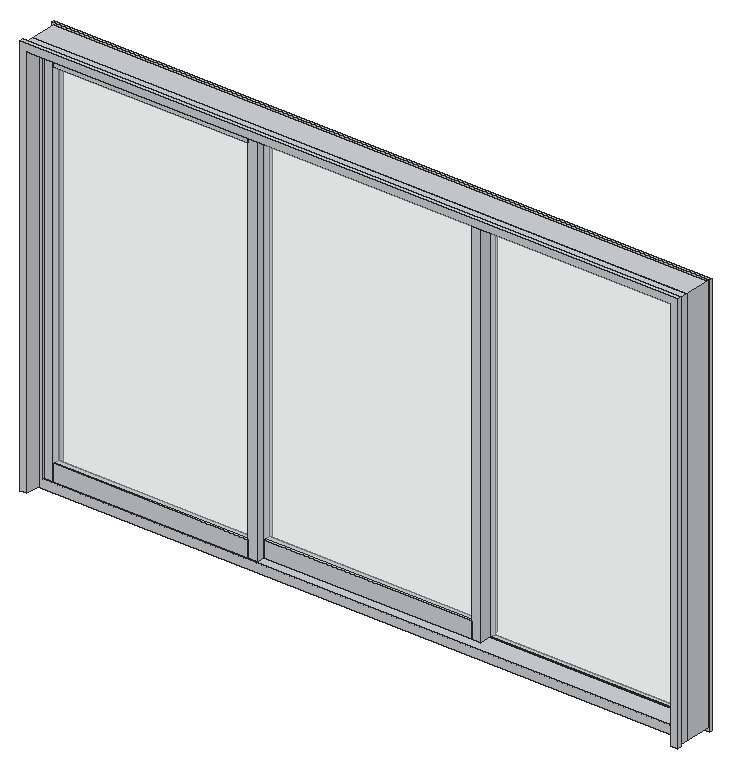
Revit family "APL Residential Thermal Heart Sliding Door SSF", category Doors, host Wall, Revit 2017 (continued)
Definition of nested family "APL Residential Thermal Heart Sliding Door SSF Horizontal Section"
  Definition of nested family "Jamb Multislider Fixed"
    Nested families
      nested 1: "65585_Infill" at (43, 110.375, 0) x (0, -1, 0) z (0, 0, 1), type "65585_Infill", in view "Ref. Level"
      nested 2: "65410_Frame" at (24, 0, 0) x (0, 1, 0) z (0, 0, 1), type "65410_Frame", in view "Ref. Level"
      nested 3: "65585_Infill" at (43, 156.486, 0) x (0, -1, 0) z (0, 0, 1), type "65585_Infill", in view "Ref. Level"
    Definition of nested family "65585_Infill"
      Reference planes
        plane 1 "Center (Front/Back)": y = 0
        plane 2: z = 0
        plane 3 "Center (Left/Right)": x = 0
      Lines and regions (mm)
        model lines, in view "Ref. Level"
          curve 1: arc (0.752, -3.072, 0) -> (0.936, -2.765, 0) -> (1, -2.413, 0) r 1
          curve 2: arc (1, -2, 0) -> (1.146, -1.646, 0) -> (1.5, -1.5, 0) r 0.5
          curve 3: arc (36.55, -1.5, 0) -> (36.904, -1.646, 0) -> (37.05, -2, 0) r 0.5
          curve 4: arc (37.05, -2.542, 0) -> (37.582, -3.901, 0) -> (38.896, -4.536, 0) r 2
          curve 5: arc (38.896, -4.536, 0) -> (39.7, -4.528, 0) -> (40.49, -4.38, 0) r 4.6
          curve 6: arc (40.49, -4.38, 0) -> (40.927, -4.463, 0) -> (41.125, -4.861, 0) r 0.5
          curve 7: arc (41.125, -5.356, 0) -> (41.077, -5.571, 0) -> (40.941, -5.744, 0) r 0.5
          curve 8: arc (40.941, -5.744, 0) -> (40.536, -5.965, 0) -> (40.078, -6.026, 0) r 1.261
          curve 9: arc (40.078, -6.026, 0) -> (38.967, -6.436, 0) -> (38.5, -7.524, 0) r 1.5
          curve 10: arc (38.5, -11, 0) -> (38.793, -11.707, 0) -> (39.5, -12, 0) r 1
          curve 11: arc (41.5, -12, 0) -> (42, -11.5, 0) -> (41.5, -11, 0) r 0.5
          curve 12: arc (39.5, -7.524, 0) -> (39.656, -7.161, 0) -> (40.026, -7.024, 0) r 0.5
          curve 13: arc (40.026, -7.024, 0) -> (41.175, -6.779, 0) -> (42.045, -5.99, 0) r 2.261
          curve 14: arc (42.045, -5.99, 0) -> (42.105, -5.861, 0) -> (42.125, -5.72, 0) r 0.5
          curve 15: arc (42.125, -3.292, 0) -> (41.854, -2.848, 0) -> (41.335, -2.884, 0) r 0.5
          curve 16: arc (41.335, -2.884, 0) -> (40.212, -3.419, 0) -> (38.973, -3.539, 0) r 3.6
          curve 17: arc (38.973, -3.539, 0) -> (38.316, -3.222, 0) -> (38.05, -2.542, 0) r 1
          curve 18: arc (38.05, -2.011, 0) -> (38.088, -1.819, 0) -> (38.196, -1.657, 0) r 0.5
          curve 19: arc (39.427, -0.427, 0) -> (39.481, -0.154, 0) -> (39.25, 0, 0) r 0.25
          curve 20: arc (0.5, 0, 0) -> (0.146, -0.146, 0) -> (0, -0.5, 0) r 0.5
          curve 21: line (1, -2.413, 0) -> (1, -2, 0)
          curve 22: line (1.5, -1.5, 0) -> (36.55, -1.5, 0)
          curve 23: line (37.05, -2, 0) -> (37.05, -2.542, 0)
          curve 24: line (41.125, -4.861, 0) -> (41.125, -5.356, 0)
          curve 25: line (38.5, -7.524, 0) -> (38.5, -11, 0)
          curve 26: line (39.5, -12, 0) -> (41.5, -12, 0)
          curve 27: line (41.5, -11, 0) -> (39.5, -11, 0)
          curve 28: line (39.5, -11, 0) -> (39.5, -7.524, 0)
          curve 29: line (42.125, -5.72, 0) -> (42.125, -3.292, 0)
          curve 30: line (38.05, -2.542, 0) -> (38.05, -2.011, 0)
          curve 31: line (38.196, -1.657, 0) -> (39.427, -0.427, 0)
          curve 32: line (39.25, 0, 0) -> (0.5, 0, 0)
          curve 33: line (0, -0.5, 0) -> (0, -2.413, 0)
          curve 34: arc (0, -2.413, 0) -> (-0.837, -6.153, 0) -> (1.856, -8.881, 0) r 4
          curve 35: arc (1.856, -8.881, 0) -> (2.479, -8.546, 0) -> (2.144, -7.923, 0) r 0.5
          curve 36: arc (2.144, -7.923, 0) -> (0.124, -5.878, 0) -> (0.752, -3.072, 0) r 3
      Text (mm)
        text "65585" at (9.33, 14.342, 0), in view "Ref. Level"
    Definition of nested family "65410_Frame"
      Reference planes
        plane 1 "Center (Front/Back)": y = 0
        plane 2: z = 0
        plane 3 "Center (Left/Right)": x = 0
      Lines and regions (mm)
        model lines, in view "Ref. Level"
          curve 1: arc (10.8, -17.502, 0) -> (11.356, -16.157, 0) -> (12.7, -15.6, 0) r 1.9
          curve 2: arc (13.1, -15.6, 0) -> (13.241, -15.541, 0) -> (13.3, -15.4, 0) r 0.2
          curve 3: arc (13.3, -8.6, 0) -> (13.241, -8.459, 0) -> (13.1, -8.4, 0) r 0.2
          curve 4: arc (11, -8.4, 0) -> (10.859, -8.341, 0) -> (10.8, -8.2, 0) r 0.2
          curve 5: arc (10.8, -7.717, 0) -> (10.741, -7.575, 0) -> (10.6, -7.517, 0) r 0.2
          curve 6: arc (1.9, -7.517, 0) -> (1.546, -7.663, 0) -> (1.4, -8.017, 0) r 0.5
          curve 7: arc (1.4, -21.755, 0) -> (1.521, -22.369, 0) -> (1.869, -22.889, 0) r 1.6
          curve 8: arc (6.387, -27.407, 0) -> (6.711, -27.624, 0) -> (7.094, -27.7, 0) r 1
          curve 9: arc (9.8, -27.7, 0) -> (10.507, -27.407, 0) -> (10.8, -26.7, 0) r 1
          curve 10: arc (1.665, -0.379, 0) -> (1.729, -0.478, 0) -> (1.725, -0.597, 0) r 0.2
          curve 11: arc (1.725, -0.597, 0) -> (1.621, -0.766, 0) -> (1.453, -0.873, 0) r 0.45
          curve 12: arc (1.453, -0.873, 0) -> (1.357, -0.948, 0) -> (1.322, -1.064, 0) r 0.2
          curve 13: arc (1.379, -5.919, 0) -> (1.438, -6.059, 0) -> (1.579, -6.117, 0) r 0.2
          curve 14: arc (10.6, -6.117, 0) -> (10.741, -6.058, 0) -> (10.8, -5.917, 0) r 0.2
          curve 15: arc (10.8, -1.828, 0) -> (10.773, -1.728, 0) -> (10.7, -1.655, 0) r 0.2
          curve 16: arc (9.6, -1.02, 0) -> (9.38, -0.8, 0) -> (9.3, -0.5, 0) r 0.6
          curve 17: arc (9.3, -0.2, 0) -> (9.359, -0.059, 0) -> (9.5, 0, 0) r 0.2
          curve 18: arc (13.617, 0, 0) -> (13.922, -0.199, 0) -> (14.195, 0.043, 0) r 0.3
          curve 19: arc (14.195, 0.043, 0) -> (14.261, 0.181, 0) -> (14.387, 0.268, 0) r 0.3
          curve 20: arc (15.797, 0.782, 0) -> (16.083, 0.738, 0) -> (16.199, 0.474, 0) r 0.3
          curve 21: arc (15.992, -1.892, 0) -> (15.965, -1.992, 0) -> (15.905, -2.078, 0) r 0.3
          curve 22: arc (15.541, -2.441, 0) -> (15.348, -2.493, 0) -> (15.207, -2.352, 0) r 0.2
          curve 23: arc (15.162, -2.184, 0) -> (15.11, -2.095, 0) -> (15.021, -2.043, 0) r 0.2
          curve 24: arc (12.8, -1.5, 0) -> (12.52, -1.693, 0) -> (12.6, -2.024, 0) r 0.3
          curve 25: arc (12.6, -2.024, 0) -> (12.674, -2.125, 0) -> (12.7, -2.247, 0) r 0.3
          curve 26: arc (12.506, -6.25, 0) -> (12.542, -6.422, 0) -> (12.7, -6.5, 0) r 0.2
          curve 27: arc (13.221, -6.5, 0) -> (13.302, -6.489, 0) -> (13.377, -6.456, 0) r 0.3
          curve 28: arc (14.631, -5.691, 0) -> (14.628, -5.521, 0) -> (14.734, -5.389, 0) r 0.25
          curve 29: arc (14.82, -5.337, 0) -> (15.072, -5.332, 0) -> (15.2, -5.55, 0) r 0.25
          curve 30: arc (15.2, -15.401, 0) -> (15.259, -15.542, 0) -> (15.4, -15.6, 0) r 0.2
          curve 31: arc (16.479, -15.6, 0) -> (16.643, -15.685, 0) -> (16.667, -15.868, 0) r 0.2
          curve 32: arc (15.775, -18.318, 0) -> (15.702, -18.414, 0) -> (15.587, -18.45, 0) r 0.2
          curve 33: arc (15.353, -18.45, 0) -> (15.248, -18.48, 0) -> (15.174, -18.561, 0) r 0.2
          curve 34: arc (15.174, -18.561, 0) -> (15.019, -18.69, 0) -> (14.82, -18.663, 0) r 0.25
          curve 35: arc (14.734, -18.611, 0) -> (14.628, -18.479, 0) -> (14.631, -18.309, 0) r 0.25
          curve 36: arc (13.377, -17.544, 0) -> (13.302, -17.511, 0) -> (13.221, -17.5, 0) r 0.3
          curve 37: arc (12.7, -17.5, 0) -> (12.542, -17.578, 0) -> (12.506, -17.75, 0) r 0.2
          curve 38: arc (12.7, -21.753, 0) -> (12.674, -21.875, 0) -> (12.6, -21.976, 0) r 0.3
          curve 39: arc (12.6, -21.976, 0) -> (12.52, -22.307, 0) -> (12.8, -22.5, 0) r 0.3
          curve 40: arc (15.021, -21.957, 0) -> (15.11, -21.905, 0) -> (15.162, -21.816, 0) r 0.2
          curve 41: arc (15.207, -21.648, 0) -> (15.348, -21.507, 0) -> (15.541, -21.559, 0) r 0.2
          curve 42: arc (15.905, -21.922, 0) -> (15.965, -22.008, 0) -> (15.992, -22.108, 0) r 0.3
          curve 43: arc (16.199, -24.474, 0) -> (16.083, -24.738, 0) -> (15.797, -24.782, 0) r 0.3
          curve 44: arc (14.387, -24.268, 0) -> (14.261, -24.181, 0) -> (14.195, -24.043, 0) r 0.3
          curve 45: arc (14.195, -24.043, 0) -> (13.922, -23.801, 0) -> (13.617, -24, 0) r 0.3
          curve 46: arc (12.6, -24, 0) -> (12.459, -24.059, 0) -> (12.4, -24.2, 0) r 0.2
          curve 47: arc (12.4, -26.696, 0) -> (11.64, -28.537, 0) -> (9.8, -29.3, 0) r 2.6
          curve 48: arc (7.9, -29.3, 0) -> (7.547, -29.446, 0) -> (7.4, -29.8, 0) r 0.5
          curve 49: arc (7.4, -37.402, 0) -> (7.508, -37.581, 0) -> (7.716, -37.566, 0) r 0.2
          curve 50: arc (7.716, -37.566, 0) -> (8.721, -37.692, 0) -> (8.684, -38.705, 0) r 0.75
          curve 51: arc (8.684, -38.705, 0) -> (8.15, -40.005, 0) -> (8.684, -41.305, 0) r 1.85
          curve 52: arc (8.684, -41.305, 0) -> (8.794, -41.447, 0) -> (8.867, -41.612, 0) r 0.75
          curve 53: arc (8.867, -41.612, 0) -> (8.97, -41.796, 0) -> (9.14, -41.921, 0) r 0.5
          curve 54: arc (9.14, -41.921, 0) -> (10, -42.105, 0) -> (10.86, -41.921, 0) r 2.1
          curve 55: arc (10.86, -41.921, 0) -> (11.03, -41.796, 0) -> (11.133, -41.612, 0) r 0.5
          curve 56: arc (11.133, -41.612, 0) -> (11.206, -41.447, 0) -> (11.316, -41.305, 0) r 0.75
          curve 57: arc (11.316, -41.305, 0) -> (11.85, -40.005, 0) -> (11.316, -38.705, 0) r 1.85
          curve 58: arc (11.316, -38.705, 0) -> (11.323, -37.644, 0) -> (12.384, -37.651, 0) r 0.75
          curve 59: arc (12.384, -37.651, 0) -> (13.348, -39.881, 0) -> (12.551, -42.176, 0) r 3.35
          curve 60: arc (12.551, -42.176, 0) -> (12.478, -42.71, 0) -> (12.932, -43, 0) r 0.5
          curve 61: arc (13.15, -43, 0) -> (13.291, -43.059, 0) -> (13.35, -43.2, 0) r 0.2
          curve 62: arc (13.35, -43.5, 0) -> (13.204, -43.854, 0) -> (12.85, -44, 0) r 0.5
          curve 63: arc (7, -44, 0) -> (6.293, -43.707, 0) -> (6, -43, 0) r 1
          curve 64: arc (6, -30.243, 0) -> (5.772, -29.095, 0) -> (5.121, -28.121, 0) r 3
          curve 65: arc (0.879, -23.879, 0) -> (0.228, -22.905, 0) -> (0, -21.757, 0) r 3
          curve 66: arc (0, -0.2, 0) -> (0.059, -0.059, 0) -> (0.2, 0, 0) r 0.2
          curve 67: line (10.8, -26.7, 0) -> (10.8, -17.502, 0)
          curve 68: line (12.7, -15.6, 0) -> (13.1, -15.6, 0)
          curve 69: line (13.3, -15.4, 0) -> (13.3, -8.6, 0)
          curve 70: line (13.1, -8.4, 0) -> (11, -8.4, 0)
          curve 71: line (10.8, -8.2, 0) -> (10.8, -7.717, 0)
          curve 72: line (10.6, -7.517, 0) -> (1.9, -7.517, 0)
          curve 73: line (1.4, -8.017, 0) -> (1.4, -21.755, 0)
          curve 74: line (1.869, -22.889, 0) -> (6.387, -27.407, 0)
          curve 75: line (7.094, -27.7, 0) -> (9.8, -27.7, 0)
          curve 76: line (1.322, -1.064, 0) -> (1.379, -5.919, 0)
          curve 77: line (1.579, -6.117, 0) -> (10.6, -6.117, 0)
          curve 78: line (10.8, -5.917, 0) -> (10.8, -1.828, 0)
          curve 79: line (10.7, -1.655, 0) -> (9.6, -1.02, 0)
          curve 80: line (9.3, -0.5, 0) -> (9.3, -0.2, 0)
          curve 81: line (9.5, 0, 0) -> (13.617, 0, 0)
          curve 82: line (14.387, 0.268, 0) -> (15.797, 0.782, 0)
          curve 83: line (16.199, 0.474, 0) -> (15.992, -1.892, 0)
          curve 84: line (15.905, -2.078, 0) -> (15.541, -2.441, 0)
          curve 85: line (15.207, -2.352, 0) -> (15.162, -2.184, 0)
          curve 86: line (15.162, -2.184, 0) -> (13.032, -1.51, 0)
          curve 87: line (13.032, -1.51, 0) -> (12.8, -1.5, 0)
          curve 88: line (12.7, -2.247, 0) -> (12.7, -5.475, 0)
          curve 89: line (12.7, -5.475, 0) -> (12.506, -6.25, 0)
          curve 90: line (12.7, -6.5, 0) -> (13.221, -6.5, 0)
          curve 91: line (13.221, -6.5, 0) -> (14.631, -5.691, 0)
          curve 92: line (15.2, -5.55, 0) -> (15.2, -7.126, 0)
          curve 93: line (15.2, -7.126, 0) -> (15.2, -15.401, 0)
          curve 94: line (15.4, -15.6, 0) -> (16.479, -15.6, 0)
          curve 95: line (16.667, -15.868, 0) -> (15.775, -18.318, 0)
          curve 96: line (15.587, -18.45, 0) -> (15.353, -18.45, 0)
          curve 97: line (14.631, -18.309, 0) -> (13.377, -17.544, 0)
          curve 98: line (13.377, -17.544, 0) -> (12.7, -17.5, 0)
          curve 99: line (12.506, -17.75, 0) -> (12.694, -18.475, 0)
          curve 100: line (12.694, -18.475, 0) -> (12.7, -21.753, 0)
          curve 101: line (12.954, -22.5, 0) -> (15.021, -21.957, 0)
          curve 102: line (15.021, -21.957, 0) -> (15.207, -21.648, 0)
          curve 103: line (15.541, -21.559, 0) -> (15.905, -21.922, 0)
          curve 104: line (15.992, -22.108, 0) -> (16.199, -24.474, 0)
          curve 105: line (15.797, -24.782, 0) -> (14.387, -24.268, 0)
          curve 106: line (13.617, -24, 0) -> (12.6, -24, 0)
          curve 107: line (12.4, -24.2, 0) -> (12.4, -26.696, 0)
          curve 108: line (9.8, -29.3, 0) -> (7.9, -29.3, 0)
          curve 109: line (7.4, -29.8, 0) -> (7.4, -37.402, 0)
          curve 110: line (12.932, -43, 0) -> (13.15, -43, 0)
          curve 111: line (13.35, -43.2, 0) -> (13.35, -43.5, 0)
          curve 112: line (12.85, -44, 0) -> (7, -44, 0)
          curve 113: line (6, -43, 0) -> (6, -30.243, 0)
          curve 114: line (5.121, -28.121, 0) -> (0.879, -23.879, 0)
          curve 115: line (0, -21.757, 0) -> (0, -0.2, 0)
          curve 116: line (0.2, 0, 0) -> (1.141, 0, 0)
          curve 117: line (1.141, 0, 0) -> (1.665, -0.379, 0)
          curve 118: arc (46.1, 0.2, 0) -> (45.602, -1.002, 0) -> (44.4, -1.5, 0) r 1.7
          curve 119: arc (29.9, -1.5, 0) -> (29.546, -1.646, 0) -> (29.4, -2, 0) r 0.5
          curve 120: arc (29.4, -15.099, 0) -> (29.546, -15.453, 0) -> (29.9, -15.6, 0) r 0.5
          curve 121: arc (36.605, -15.6, 0) -> (37.013, -15.521, 0) -> (37.363, -15.296, 0) r 1.1
          curve 122: arc (37.363, -15.296, 0) -> (38.199, -14.684, 0) -> (39.189, -14.379, 0) r 3.126
          curve 123: arc (62.286, -13.2, 0) -> (62.738, -12.881, 0) -> (63.285, -12.958, 0) r 0.75
          curve 124: arc (63.285, -12.958, 0) -> (64.2, -13.2, 0) -> (65.115, -12.958, 0) r 1.85
          curve 125: arc (65.115, -12.958, 0) -> (65.281, -12.888, 0) -> (65.459, -12.86, 0) r 0.75
          curve 126: arc (65.459, -12.86, 0) -> (65.663, -12.808, 0) -> (65.828, -12.676, 0) r 0.5
          curve 127: arc (65.828, -12.676, 0) -> (66.3, -11.35, 0) -> (65.828, -10.024, 0) r 2.1
          curve 128: arc (65.828, -10.024, 0) -> (65.663, -9.892, 0) -> (65.459, -9.84, 0) r 0.5
          curve 129: arc (65.459, -9.84, 0) -> (65.281, -9.812, 0) -> (65.115, -9.742, 0) r 0.75
          curve 130: arc (65.115, -9.742, 0) -> (63.721, -9.563, 0) -> (62.604, -10.415, 0) r 1.85
          curve 131: arc (62.604, -10.415, 0) -> (61.577, -10.683, 0) -> (61.309, -9.657, 0) r 0.75
          curve 132: arc (61.309, -9.657, 0) -> (62.349, -8.558, 0) -> (63.765, -8.028, 0) r 3.35
          curve 133: arc (63.765, -8.028, 0) -> (64.076, -7.862, 0) -> (64.2, -7.533, 0) r 0.5
          curve 134: arc (64.2, 1.517, 0) -> (64.489, 3.435, 0) -> (65.33, 5.182, 0) r 6.5
          curve 135: arc (65.33, 5.182, 0) -> (65.978, 6.526, 0) -> (66.2, 8, 0) r 5
          curve 136: arc (66.2, 17.1, 0) -> (66.054, 17.454, 0) -> (65.7, 17.6, 0) r 0.5
          curve 137: arc (47, 17.6, 0) -> (46.646, 17.454, 0) -> (46.5, 17.1, 0) r 0.5
          curve 138: arc (46.5, 12.5, 0) -> (46.409, 11.986, 0) -> (46.147, 11.533, 0) r 1.5
          curve 139: arc (24.183, -15.774, 0) -> (24.053, -15.838, 0) -> (24, -15.973, 0) r 0.2
          curve 140: arc (24.399, -18.321, 0) -> (24.668, -18.608, 0) -> (25.06, -18.613, 0) r 0.5
          curve 141: arc (25.06, -18.613, 0) -> (25.211, -18.697, 0) -> (25.38, -18.663, 0) r 0.25
          curve 142: arc (25.466, -18.611, 0) -> (25.572, -18.479, 0) -> (25.569, -18.309, 0) r 0.25
          curve 143: arc (26.823, -17.544, 0) -> (26.898, -17.511, 0) -> (26.979, -17.5, 0) r 0.3
          curve 144: arc (27.5, -17.5, 0) -> (27.658, -17.578, 0) -> (27.694, -17.75, 0) r 0.2
          curve 145: arc (27.5, -21.753, 0) -> (27.526, -21.875, 0) -> (27.6, -21.976, 0) r 0.3
          curve 146: arc (27.6, -21.976, 0) -> (27.68, -22.307, 0) -> (27.4, -22.5, 0) r 0.3
          curve 147: arc (25.179, -21.957, 0) -> (25.09, -21.905, 0) -> (25.038, -21.816, 0) r 0.2
          curve 148: arc (24.993, -21.648, 0) -> (24.852, -21.507, 0) -> (24.659, -21.559, 0) r 0.2
          curve 149: arc (24.295, -21.922, 0) -> (24.235, -22.008, 0) -> (24.208, -22.108, 0) r 0.3
          curve 150: arc (24.001, -24.474, 0) -> (24.117, -24.738, 0) -> (24.403, -24.782, 0) r 0.3
          curve 151: arc (25.813, -24.268, 0) -> (25.939, -24.181, 0) -> (26.005, -24.043, 0) r 0.3
          curve 152: arc (26.005, -24.043, 0) -> (26.278, -23.801, 0) -> (26.583, -24, 0) r 0.3
          curve 153: arc (28.9, -24, 0) -> (29.254, -23.854, 0) -> (29.4, -23.5, 0) r 0.5
          curve 154: arc (29.4, -17.9, 0) -> (29.546, -17.546, 0) -> (29.9, -17.4, 0) r 0.499
          curve 155: arc (37.767, -17.4, 0) -> (38.931, -17.165, 0) -> (39.913, -16.497, 0) r 2.996
          curve 156: arc (39.913, -16.497, 0) -> (40.232, -16.27, 0) -> (40.611, -16.169, 0) r 1.1
          curve 157: arc (68.1, -15.1, 0) -> (68.241, -15.159, 0) -> (68.3, -15.3, 0) r 0.2
          curve 158: arc (68.3, -23.5, 0) -> (68.446, -23.854, 0) -> (68.8, -24, 0) r 0.5
          curve 159: arc (71.117, -24, 0) -> (71.422, -23.801, 0) -> (71.695, -24.043, 0) r 0.3
          curve 160: arc (71.695, -24.043, 0) -> (71.761, -24.181, 0) -> (71.887, -24.268, 0) r 0.3
          curve 161: arc (73.297, -24.782, 0) -> (73.583, -24.738, 0) -> (73.699, -24.474, 0) r 0.3
          curve 162: arc (73.492, -22.108, 0) -> (73.465, -22.008, 0) -> (73.405, -21.922, 0) r 0.3
          curve 163: arc (73.041, -21.559, 0) -> (72.848, -21.507, 0) -> (72.707, -21.648, 0) r 0.2
          curve 164: arc (72.662, -21.816, 0) -> (72.61, -21.905, 0) -> (72.521, -21.957, 0) r 0.2
          curve 165: arc (70.3, -22.5, 0) -> (70.02, -22.307, 0) -> (70.1, -21.976, 0) r 0.3
          curve 166: arc (70.1, -21.976, 0) -> (70.174, -21.875, 0) -> (70.2, -21.753, 0) r 0.3
          curve 167: arc (70.006, -17.75, 0) -> (70.042, -17.578, 0) -> (70.2, -17.5, 0) r 0.2
          curve 168: arc (70.721, -17.5, 0) -> (70.802, -17.511, 0) -> (70.877, -17.544, 0) r 0.3
          curve 169: arc (72.131, -18.309, 0) -> (72.128, -18.479, 0) -> (72.234, -18.611, 0) r 0.25
          curve 170: arc (72.32, -18.663, 0) -> (72.572, -18.668, 0) -> (72.7, -18.45, 0) r 0.25
          curve 171: arc (72.7, -16.876, 0) -> (72.618, -16.478, 0) -> (72.385, -16.146, 0) r 1
          curve 172: arc (72.385, -16.146, 0) -> (72.322, -16, 0) -> (72.385, -15.854, 0) r 0.2
          curve 173: arc (72.385, -15.854, 0) -> (72.618, -15.523, 0) -> (72.7, -15.126, 0) r 1
          curve 174: arc (72.7, -13.551, 0) -> (72.573, -13.332, 0) -> (72.32, -13.337, 0) r 0.25
          curve 175: arc (72.234, -13.389, 0) -> (72.128, -13.521, 0) -> (72.131, -13.691, 0) r 0.25
          curve 176: arc (70.877, -14.456, 0) -> (70.802, -14.489, 0) -> (70.721, -14.5, 0) r 0.3
          curve 177: arc (70.2, -14.5, 0) -> (70.042, -14.422, 0) -> (70.006, -14.25, 0) r 0.2
          curve 178: arc (70.2, -10.247, 0) -> (70.174, -10.124, 0) -> (70.1, -10.024, 0) r 0.3
          curve 179: arc (70.1, -10.024, 0) -> (70.02, -9.693, 0) -> (70.3, -9.5, 0) r 0.3
          curve 180: arc (72.521, -10.043, 0) -> (72.61, -10.095, 0) -> (72.662, -10.184, 0) r 0.2
          curve 181: arc (72.707, -10.352, 0) -> (72.848, -10.493, 0) -> (73.041, -10.441, 0) r 0.2
          curve 182: arc (73.405, -10.078, 0) -> (73.465, -9.992, 0) -> (73.492, -9.892, 0) r 0.3
          curve 183: arc (73.699, -7.526, 0) -> (73.583, -7.262, 0) -> (73.297, -7.218, 0) r 0.3
          curve 184: arc (71.887, -7.732, 0) -> (71.761, -7.819, 0) -> (71.695, -7.957, 0) r 0.3
          curve 185: arc (71.695, -7.957, 0) -> (71.422, -8.199, 0) -> (71.117, -8, 0) r 0.3
          curve 186: arc (66.201, -8, 0) -> (65.847, -7.854, 0) -> (65.7, -7.5, 0) r 0.5
          curve 187: arc (65.7, 1.519, 0) -> (65.922, 2.994, 0) -> (66.57, 4.337, 0) r 5
          curve 188: arc (66.57, 4.337, 0) -> (67.411, 6.083, 0) -> (67.7, 8, 0) r 6.5
          curve 189: arc (67.7, 9.1, 0) -> (67.759, 9.241, 0) -> (67.9, 9.3, 0) r 0.2
          curve 190: arc (69.3, 9.3, 0) -> (69.441, 9.241, 0) -> (69.5, 9.1, 0) r 0.2
          curve 191: arc (69.5, 8.8, 0) -> (70, 8.299, 0) -> (70.5, 8.8, 0) r 0.5
          curve 192: arc (70.5, 11.351, 0) -> (69.999, 11.85, 0) -> (69.5, 11.35, 0) r 0.5
          curve 193: arc (69.5, 10.5, 0) -> (69.441, 10.359, 0) -> (69.3, 10.3, 0) r 0.2
          curve 194: arc (67.9, 10.3, 0) -> (67.759, 10.359, 0) -> (67.7, 10.5, 0) r 0.2
          curve 195: arc (67.7, 17.8, 0) -> (67.759, 17.941, 0) -> (67.9, 18, 0) r 0.2
          curve 196: arc (69.3, 18, 0) -> (69.441, 17.941, 0) -> (69.5, 17.8, 0) r 0.2
          curve 197: arc (69.5, 16.95, 0) -> (70, 16.449, 0) -> (70.5, 16.95, 0) r 0.5
          curve 198: arc (70.5, 18.499, 0) -> (70.354, 18.853, 0) -> (70, 19, 0) r 0.5
          curve 199: arc (42.7, 19, 0) -> (42.559, 18.941, 0) -> (42.5, 18.8, 0) r 0.2
          curve 200: arc (42.5, 17.25, 0) -> (43, 16.749, 0) -> (43.5, 17.25, 0) r 0.5
          curve 201: arc (43.5, 17.8, 0) -> (43.559, 17.941, 0) -> (43.7, 18, 0) r 0.2
          curve 202: arc (44.8, 18, 0) -> (44.941, 17.941, 0) -> (45, 17.8, 0) r 0.2
          curve 203: arc (45, 12.7, 0) -> (44.941, 12.559, 0) -> (44.8, 12.5, 0) r 0.2
          curve 204: arc (43.7, 12.5, 0) -> (43.559, 12.559, 0) -> (43.5, 12.7, 0) r 0.2
          curve 205: arc (43.5, 13.25, 0) -> (43, 13.749, 0) -> (42.5, 13.25, 0) r 0.5
          curve 206: arc (42.5, 12.5, 0) -> (42.793, 11.793, 0) -> (43.5, 11.5, 0) r 1
          curve 207: arc (44.395, 11.5, 0) -> (44.539, 11.443, 0) -> (44.6, 11.3, 0) r 0.202
          curve 208: arc (44.6, 0.2, 0) -> (44.538, 0.058, 0) -> (44.395, 0, 0) r 0.205
          curve 209: arc (26.583, 0, 0) -> (26.278, -0.199, 0) -> (26.005, 0.043, 0) r 0.3
          curve 210: arc (26.005, 0.043, 0) -> (25.939, 0.181, 0) -> (25.813, 0.268, 0) r 0.3
          curve 211: arc (24.403, 0.782, 0) -> (24.117, 0.738, 0) -> (24.001, 0.474, 0) r 0.3
          curve 212: arc (24.208, -1.892, 0) -> (24.235, -1.992, 0) -> (24.295, -2.078, 0) r 0.3
          curve 213: arc (24.659, -2.441, 0) -> (24.852, -2.493, 0) -> (24.993, -2.352, 0) r 0.2
          curve 214: arc (25.038, -2.184, 0) -> (25.09, -2.095, 0) -> (25.179, -2.043, 0) r 0.2
          curve 215: arc (27.4, -1.5, 0) -> (27.68, -1.693, 0) -> (27.6, -2.024, 0) r 0.3
          curve 216: arc (27.6, -2.024, 0) -> (27.526, -2.125, 0) -> (27.5, -2.247, 0) r 0.3
          curve 217: arc (27.694, -6.25, 0) -> (27.658, -6.422, 0) -> (27.5, -6.5, 0) r 0.2
          curve 218: arc (26.979, -6.5, 0) -> (26.898, -6.489, 0) -> (26.823, -6.456, 0) r 0.3
          curve 219: arc (25.569, -5.691, 0) -> (25.572, -5.521, 0) -> (25.466, -5.389, 0) r 0.25
          curve 220: arc (25.38, -5.337, 0) -> (25.128, -5.332, 0) -> (25, -5.55, 0) r 0.25
          curve 221: arc (25, -7.126, 0) -> (25.128, -7.615, 0) -> (25.479, -7.979, 0) r 1
          curve 222: line (46.1, 11.405, 0) -> (46.1, 0.2, 0)
          curve 223: line (44.4, -1.5, 0) -> (29.9, -1.5, 0)
          curve 224: line (29.4, -2, 0) -> (29.4, -15.099, 0)
          curve 225: line (29.9, -15.6, 0) -> (36.605, -15.6, 0)
          curve 226: line (39.189, -14.379, 0) -> (53.629, -13.2, 0)
          curve 227: line (53.629, -13.2, 0) -> (62.286, -13.2, 0)
          curve 228: line (64.2, -7.533, 0) -> (64.2, 1.517, 0)
          curve 229: line (66.2, 8, 0) -> (66.2, 17.1, 0)
          curve 230: line (65.7, 17.6, 0) -> (47, 17.6, 0)
          curve 231: line (46.5, 17.1, 0) -> (46.5, 12.5, 0)
          curve 232: line (27.317, -15.499, 0) -> (24.183, -15.774, 0)
          curve 233: line (24, -15.973, 0) -> (24, -17.189, 0)
          curve 234: line (24, -17.189, 0) -> (24.399, -18.321, 0)
          curve 235: line (25.569, -18.309, 0) -> (26.823, -17.544, 0)
          curve 236: line (26.823, -17.544, 0) -> (27.5, -17.5, 0)
          curve 237: line (27.694, -17.75, 0) -> (27.5, -18.5, 0)
          curve 238: line (27.506, -18.475, 0) -> (27.5, -21.753, 0)
          curve 239: line (27.246, -22.5, 0) -> (25.179, -21.957, 0)
          curve 240: line (25.179, -21.957, 0) -> (24.993, -21.648, 0)
          curve 241: line (24.659, -21.559, 0) -> (24.295, -21.922, 0)
          curve 242: line (24.208, -22.108, 0) -> (24.001, -24.474, 0)
          curve 243: line (24.403, -24.782, 0) -> (25.813, -24.268, 0)
          curve 244: line (26.583, -24, 0) -> (28.9, -24, 0)
          curve 245: line (29.4, -23.5, 0) -> (29.4, -17.9, 0)
          curve 246: line (29.9, -17.4, 0) -> (33.5, -17.4, 0)
          curve 247: line (33.5, -17.4, 0) -> (33.9, -17, 0)
          curve 248: line (33.9, -17, 0) -> (34.3, -17.4, 0)
          curve 249: line (34.3, -17.4, 0) -> (37.767, -17.4, 0)
          curve 250: line (40.611, -16.169, 0) -> (53.707, -15.1, 0)
          curve 251: line (53.707, -15.1, 0) -> (58.307, -15.1, 0)
          curve 252: line (58.307, -15.1, 0) -> (58.707, -14.7, 0)
          curve 253: line (58.707, -14.7, 0) -> (59.107, -15.1, 0)
          curve 254: line (59.107, -15.1, 0) -> (68.1, -15.1, 0)
          curve 255: line (68.3, -15.3, 0) -> (68.3, -23.5, 0)
          curve 256: line (68.8, -24, 0) -> (71.117, -24, 0)
          curve 257: line (71.887, -24.268, 0) -> (73.297, -24.782, 0)
          curve 258: line (73.699, -24.474, 0) -> (73.492, -22.108, 0)
          curve 259: line (73.405, -21.922, 0) -> (73.041, -21.559, 0)
          curve 260: line (72.707, -21.648, 0) -> (72.662, -21.816, 0)
          curve 261: line (72.662, -21.816, 0) -> (70.532, -22.49, 0)
          curve 262: line (70.532, -22.49, 0) -> (70.3, -22.5, 0)
          curve 263: line (70.2, -21.753, 0) -> (70.2, -18.525, 0)
          curve 264: line (70.2, -18.525, 0) -> (70.006, -17.75, 0)
          curve 265: line (70.2, -17.5, 0) -> (70.721, -17.5, 0)
          curve 266: line (70.721, -17.5, 0) -> (72.131, -18.309, 0)
          curve 267: line (72.7, -18.45, 0) -> (72.7, -16.876, 0)
          curve 268: line (72.7, -15.126, 0) -> (72.7, -13.551, 0)
          curve 269: line (72.131, -13.691, 0) -> (70.877, -14.456, 0)
          curve 270: line (70.877, -14.456, 0) -> (70.2, -14.5, 0)
          curve 271: line (70.006, -14.25, 0) -> (70.2, -13.5, 0)
          curve 272: line (70.194, -13.525, 0) -> (70.2, -10.248, 0)
          curve 273: line (70.454, -9.5, 0) -> (72.521, -10.043, 0)
          curve 274: line (72.521, -10.043, 0) -> (72.707, -10.352, 0)
          curve 275: line (73.041, -10.441, 0) -> (73.405, -10.078, 0)
          curve 276: line (73.492, -9.892, 0) -> (73.699, -7.526, 0)
          curve 277: line (73.297, -7.218, 0) -> (71.887, -7.732, 0)
          curve 278: line (71.117, -8, 0) -> (66.201, -8, 0)
          curve 279: line (65.7, -7.5, 0) -> (65.7, 1.519, 0)
          curve 280: line (67.7, 8, 0) -> (67.7, 9.1, 0)
          curve 281: line (67.9, 9.3, 0) -> (69.3, 9.3, 0)
          curve 282: line (69.5, 9.1, 0) -> (69.5, 8.8, 0)
          curve 283: line (70.5, 8.8, 0) -> (70.5, 11.351, 0)
          curve 284: line (69.5, 11.35, 0) -> (69.5, 10.5, 0)
          curve 285: line (69.3, 10.3, 0) -> (67.9, 10.3, 0)
          curve 286: line (67.7, 10.5, 0) -> (67.7, 17.8, 0)
          curve 287: line (67.9, 18, 0) -> (69.3, 18, 0)
          curve 288: line (69.5, 17.8, 0) -> (69.5, 16.95, 0)
          curve 289: line (70.5, 16.95, 0) -> (70.5, 18.499, 0)
          curve 290: line (70, 19, 0) -> (42.7, 19, 0)
          curve 291: line (42.5, 18.8, 0) -> (42.5, 17.25, 0)
          curve 292: line (43.5, 17.25, 0) -> (43.5, 17.8, 0)
          curve 293: line (43.7, 18, 0) -> (44.8, 18, 0)
          curve 294: line (45, 17.8, 0) -> (45, 12.7, 0)
          curve 295: line (44.8, 12.5, 0) -> (43.7, 12.5, 0)
          curve 296: line (43.5, 12.7, 0) -> (43.5, 13.25, 0)
          curve 297: line (42.5, 13.25, 0) -> (42.5, 12.5, 0)
          curve 298: line (43.5, 11.5, 0) -> (44.395, 11.5, 0)
          curve 299: line (44.6, 11.3, 0) -> (44.6, 0.2, 0)
          curve 300: line (44.395, 0, 0) -> (34.3, 0, 0)
          curve 301: line (34.3, 0, 0) -> (33.9, -0.4, 0)
          curve 302: line (33.9, -0.4, 0) -> (33.5, 0, 0)
          curve 303: line (33.5, 0, 0) -> (26.583, 0, 0)
          curve 304: line (25.813, 0.268, 0) -> (24.403, 0.782, 0)
          curve 305: line (24.001, 0.474, 0) -> (24.208, -1.892, 0)
          curve 306: line (24.295, -2.078, 0) -> (24.659, -2.441, 0)
          curve 307: line (24.993, -2.352, 0) -> (25.038, -2.184, 0)
          curve 308: line (25.038, -2.184, 0) -> (27.168, -1.51, 0)
          curve 309: line (27.168, -1.51, 0) -> (27.4, -1.5, 0)
          curve 310: line (27.5, -2.247, 0) -> (27.5, -5.475, 0)
          curve 311: line (27.5, -5.475, 0) -> (27.694, -6.25, 0)
          curve 312: line (27.5, -6.5, 0) -> (26.979, -6.5, 0)
          curve 313: line (26.979, -6.5, 0) -> (25.569, -5.691, 0)
          curve 314: line (25, -5.55, 0) -> (25, -7.126, 0)
          curve 315: line (25.479, -7.979, 0) -> (26.284, -8.471, 0)
          curve 316: line (26.284, -8.471, 0) -> (27.5, -8.5, 0)
          curve 317: line (27.5, -8.5, 0) -> (27.5, -15.3, 0)
          curve 318: arc (27.5, -15.3, 0) -> (27.447, -15.435, 0) -> (27.317, -15.499, 0) r 0.2
          curve 319: arc (12.7, -21.8, 0) -> (12.817, -22.083, 0) -> (13.1, -22.2, 0) r 0.4
          curve 320: arc (13.393, -22.2, 0) -> (13.496, -22.186, 0) -> (13.593, -22.146, 0) r 0.4
          curve 321: arc (15.121, -21.262, 0) -> (15.411, -21.141, 0) -> (15.722, -21.1, 0) r 1.2
          curve 322: arc (16.645, -21.1, 0) -> (17.218, -20.919, 0) -> (17.584, -20.442, 0) r 1
          curve 323: arc (18.377, -18.263, 0) -> (18.524, -18.072, 0) -> (18.753, -18, 0) r 0.4
          curve 324: arc (21.447, -18, 0) -> (21.676, -18.072, 0) -> (21.823, -18.263, 0) r 0.4
          curve 325: arc (22.616, -20.442, 0) -> (22.982, -20.919, 0) -> (23.555, -21.1, 0) r 1
          curve 326: arc (24.478, -21.1, 0) -> (24.789, -21.141, 0) -> (25.079, -21.262, 0) r 1.2
          curve 327: arc (26.607, -22.146, 0) -> (26.704, -22.186, 0) -> (26.807, -22.2, 0) r 0.4
          curve 328: arc (27.1, -22.2, 0) -> (27.383, -22.083, 0) -> (27.5, -21.8, 0) r 0.4
          curve 329: arc (27.5, -18.4, 0) -> (27.383, -18.117, 0) -> (27.1, -18, 0) r 0.4
          curve 330: arc (26.807, -18, 0) -> (26.704, -18.014, 0) -> (26.607, -18.054, 0) r 0.4
          curve 331: arc (25.079, -18.939, 0) -> (24.785, -19.06, 0) -> (24.47, -19.1, 0) r 1.2
          curve 332: arc (24.47, -19.1, 0) -> (24.295, -19.047, 0) -> (24.184, -18.903, 0) r 0.3
          curve 333: arc (23.296, -16.463, 0) -> (23.149, -16.272, 0) -> (22.92, -16.2, 0) r 0.4
          curve 334: arc (17.28, -16.2, 0) -> (17.051, -16.272, 0) -> (16.904, -16.463, 0) r 0.4
          curve 335: arc (16.016, -18.903, 0) -> (15.905, -19.047, 0) -> (15.73, -19.1, 0) r 0.3
          curve 336: arc (15.73, -19.1, 0) -> (15.415, -19.06, 0) -> (15.121, -18.939, 0) r 1.2
          curve 337: arc (13.593, -18.054, 0) -> (13.496, -18.014, 0) -> (13.393, -18, 0) r 0.4
          curve 338: arc (13.1, -18, 0) -> (12.817, -18.117, 0) -> (12.7, -18.4, 0) r 0.4
          curve 339: line (13.1, -22.2, 0) -> (13.393, -22.2, 0)
          curve 340: line (13.593, -22.146, 0) -> (15.121, -21.262, 0)
          curve 341: line (15.722, -21.1, 0) -> (16.645, -21.1, 0)
          curve 342: line (17.584, -20.442, 0) -> (18.377, -18.263, 0)
          curve 343: line (18.753, -18, 0) -> (21.447, -18, 0)
          curve 344: line (21.823, -18.263, 0) -> (22.616, -20.442, 0)
          curve 345: line (23.555, -21.1, 0) -> (24.478, -21.1, 0)
          curve 346: line (25.079, -21.262, 0) -> (26.607, -22.146, 0)
          curve 347: line (26.807, -22.2, 0) -> (27.1, -22.2, 0)
          curve 348: line (27.5, -21.8, 0) -> (27.5, -18.4, 0)
          curve 349: line (27.1, -18, 0) -> (26.807, -18, 0)
          curve 350: line (26.607, -18.054, 0) -> (25.079, -18.939, 0)
          curve 351: line (24.184, -18.903, 0) -> (23.296, -16.463, 0)
          curve 352: line (22.92, -16.2, 0) -> (17.28, -16.2, 0)
          curve 353: line (16.904, -16.463, 0) -> (16.016, -18.903, 0)
          curve 354: line (15.121, -18.939, 0) -> (13.593, -18.054, 0)
          curve 355: line (13.393, -18, 0) -> (13.1, -18, 0)
          curve 356: line (12.7, -18.4, 0) -> (12.7, -21.8, 0)
          curve 357: arc (12.7, -5.6, 0) -> (12.817, -5.883, 0) -> (13.1, -6, 0) r 0.4
          curve 358: arc (13.393, -6, 0) -> (13.496, -5.986, 0) -> (13.593, -5.946, 0) r 0.4
          curve 359: arc (15.121, -5.062, 0) -> (15.411, -4.941, 0) -> (15.722, -4.9, 0) r 1.2
          curve 360: arc (16.645, -4.9, 0) -> (17.218, -4.719, 0) -> (17.584, -4.242, 0) r 1
          curve 361: arc (18.377, -2.063, 0) -> (18.524, -1.872, 0) -> (18.753, -1.8, 0) r 0.4
          curve 362: arc (21.447, -1.8, 0) -> (21.676, -1.872, 0) -> (21.823, -2.063, 0) r 0.4
          curve 363: arc (22.616, -4.242, 0) -> (22.982, -4.719, 0) -> (23.555, -4.9, 0) r 1
          curve 364: arc (24.478, -4.9, 0) -> (24.789, -4.941, 0) -> (25.079, -5.062, 0) r 1.2
          curve 365: arc (26.607, -5.946, 0) -> (26.704, -5.986, 0) -> (26.807, -6, 0) r 0.4
          curve 366: arc (27.1, -6, 0) -> (27.383, -5.883, 0) -> (27.5, -5.6, 0) r 0.4
          curve 367: arc (27.5, -2.2, 0) -> (27.383, -1.917, 0) -> (27.1, -1.8, 0) r 0.4
          curve 368: arc (26.807, -1.8, 0) -> (26.704, -1.814, 0) -> (26.607, -1.854, 0) r 0.4
          curve 369: arc (25.079, -2.739, 0) -> (24.785, -2.86, 0) -> (24.47, -2.9, 0) r 1.2
          curve 370: arc (24.47, -2.9, 0) -> (24.295, -2.847, 0) -> (24.184, -2.703, 0) r 0.3
          curve 371: arc (23.296, -0.263, 0) -> (23.149, -0.072, 0) -> (22.92, 0, 0) r 0.4
          curve 372: arc (17.28, 0, 0) -> (17.051, -0.072, 0) -> (16.904, -0.263, 0) r 0.4
          curve 373: arc (16.016, -2.703, 0) -> (15.905, -2.847, 0) -> (15.73, -2.9, 0) r 0.3
          curve 374: arc (15.73, -2.9, 0) -> (15.415, -2.86, 0) -> (15.121, -2.739, 0) r 1.2
          curve 375: arc (13.593, -1.854, 0) -> (13.496, -1.814, 0) -> (13.393, -1.8, 0) r 0.4
          curve 376: arc (13.1, -1.8, 0) -> (12.817, -1.917, 0) -> (12.7, -2.2, 0) r 0.4
          curve 377: line (13.1, -6, 0) -> (13.393, -6, 0)
          curve 378: line (13.593, -5.946, 0) -> (15.121, -5.062, 0)
          curve 379: line (15.722, -4.9, 0) -> (16.645, -4.9, 0)
          curve 380: line (17.584, -4.242, 0) -> (18.377, -2.063, 0)
          curve 381: line (18.753, -1.8, 0) -> (21.447, -1.8, 0)
          curve 382: line (21.823, -2.063, 0) -> (22.616, -4.242, 0)
          curve 383: line (23.555, -4.9, 0) -> (24.478, -4.9, 0)
          curve 384: line (25.079, -5.062, 0) -> (26.607, -5.946, 0)
          curve 385: line (26.807, -6, 0) -> (27.1, -6, 0)
          curve 386: line (27.5, -5.6, 0) -> (27.5, -2.2, 0)
          curve 387: line (27.1, -1.8, 0) -> (26.807, -1.8, 0)
          curve 388: line (26.607, -1.854, 0) -> (25.079, -2.739, 0)
          curve 389: line (24.184, -2.703, 0) -> (23.296, -0.263, 0)
          curve 390: line (22.92, 0, 0) -> (17.28, 0, 0)
          curve 391: line (16.904, -0.263, 0) -> (16.016, -2.703, 0)
          curve 392: line (15.121, -2.739, 0) -> (13.593, -1.854, 0)
          curve 393: line (13.393, -1.8, 0) -> (13.1, -1.8, 0)
          curve 394: line (12.7, -2.2, 0) -> (12.7, -5.6, 0)
          curve 395: arc (70.2, -13.6, 0) -> (70.317, -13.883, 0) -> (70.6, -14, 0) r 0.4
          curve 396: arc (70.893, -14, 0) -> (70.996, -13.986, 0) -> (71.093, -13.946, 0) r 0.4
          curve 397: arc (72.621, -13.061, 0) -> (72.911, -12.941, 0) -> (73.222, -12.9, 0) r 1.2
          curve 398: arc (74.145, -12.9, 0) -> (74.718, -12.719, 0) -> (75.084, -12.242, 0) r 1
          curve 399: arc (75.877, -10.063, 0) -> (76.024, -9.872, 0) -> (76.253, -9.8, 0) r 0.4
          curve 400: arc (78.947, -9.8, 0) -> (79.176, -9.872, 0) -> (79.323, -10.063, 0) r 0.4
          curve 401: arc (80.116, -12.242, 0) -> (80.482, -12.719, 0) -> (81.055, -12.9, 0) r 1
          curve 402: arc (81.978, -12.9, 0) -> (82.289, -12.941, 0) -> (82.579, -13.061, 0) r 1.2
          curve 403: arc (84.107, -13.946, 0) -> (84.204, -13.986, 0) -> (84.307, -14, 0) r 0.4
          curve 404: arc (84.6, -14, 0) -> (84.883, -13.883, 0) -> (85, -13.6, 0) r 0.4
          curve 405: arc (85, -10.2, 0) -> (84.883, -9.917, 0) -> (84.6, -9.8, 0) r 0.4
          curve 406: arc (84.307, -9.8, 0) -> (84.204, -9.814, 0) -> (84.107, -9.854, 0) r 0.4
          curve 407: arc (82.579, -10.739, 0) -> (82.285, -10.86, 0) -> (81.97, -10.9, 0) r 1.2
          curve 408: arc (81.97, -10.9, 0) -> (81.795, -10.847, 0) -> (81.684, -10.703, 0) r 0.3
          curve 409: arc (80.796, -8.263, 0) -> (80.649, -8.072, 0) -> (80.42, -8, 0) r 0.4
          curve 410: arc (74.78, -8, 0) -> (74.551, -8.072, 0) -> (74.404, -8.263, 0) r 0.4
          curve 411: arc (73.516, -10.703, 0) -> (73.405, -10.847, 0) -> (73.23, -10.9, 0) r 0.3
          curve 412: arc (73.23, -10.9, 0) -> (72.915, -10.86, 0) -> (72.621, -10.739, 0) r 1.2
          curve 413: arc (71.093, -9.854, 0) -> (70.996, -9.814, 0) -> (70.893, -9.8, 0) r 0.4
          curve 414: arc (70.6, -9.8, 0) -> (70.317, -9.917, 0) -> (70.2, -10.2, 0) r 0.4
          curve 415: line (70.6, -14, 0) -> (70.893, -14, 0)
          curve 416: line (71.093, -13.946, 0) -> (72.621, -13.061, 0)
          curve 417: line (73.222, -12.9, 0) -> (74.145, -12.9, 0)
          curve 418: line (75.084, -12.242, 0) -> (75.877, -10.063, 0)
          curve 419: line (76.253, -9.8, 0) -> (78.947, -9.8, 0)
          curve 420: line (79.323, -10.063, 0) -> (80.116, -12.242, 0)
          curve 421: line (81.055, -12.9, 0) -> (81.978, -12.9, 0)
          curve 422: line (82.579, -13.061, 0) -> (84.107, -13.946, 0)
          curve 423: line (84.307, -14, 0) -> (84.6, -14, 0)
          curve 424: line (85, -13.6, 0) -> (85, -10.2, 0)
          curve 425: line (84.6, -9.8, 0) -> (84.307, -9.8, 0)
          curve 426: line (84.107, -9.854, 0) -> (82.579, -10.739, 0)
          curve 427: line (81.684, -10.703, 0) -> (80.796, -8.263, 0)
          curve 428: line (80.42, -8, 0) -> (74.78, -8, 0)
          curve 429: line (74.404, -8.263, 0) -> (73.516, -10.703, 0)
          curve 430: line (72.621, -10.739, 0) -> (71.093, -9.854, 0)
          curve 431: line (70.893, -9.8, 0) -> (70.6, -9.8, 0)
          curve 432: line (70.2, -10.2, 0) -> (70.2, -13.6, 0)
          curve 433: arc (70.2, -18.4, 0) -> (70.317, -18.117, 0) -> (70.6, -18, 0) r 0.4
          curve 434: arc (70.893, -18, 0) -> (70.996, -18.014, 0) -> (71.093, -18.054, 0) r 0.4
          curve 435: arc (72.621, -18.939, 0) -> (72.911, -19.059, 0) -> (73.222, -19.1, 0) r 1.2
          curve 436: arc (74.145, -19.1, 0) -> (74.718, -19.281, 0) -> (75.084, -19.758, 0) r 1
          curve 437: arc (75.877, -21.937, 0) -> (76.024, -22.128, 0) -> (76.253, -22.2, 0) r 0.4
          curve 438: arc (78.947, -22.2, 0) -> (79.176, -22.128, 0) -> (79.323, -21.937, 0) r 0.4
          curve 439: arc (80.116, -19.758, 0) -> (80.482, -19.281, 0) -> (81.055, -19.1, 0) r 1
          curve 440: arc (81.978, -19.1, 0) -> (82.289, -19.059, 0) -> (82.579, -18.939, 0) r 1.2
          curve 441: arc (84.107, -18.054, 0) -> (84.204, -18.014, 0) -> (84.307, -18, 0) r 0.4
          curve 442: arc (84.6, -18, 0) -> (84.883, -18.117, 0) -> (85, -18.4, 0) r 0.4
          curve 443: arc (85, -21.8, 0) -> (84.883, -22.083, 0) -> (84.6, -22.2, 0) r 0.4
          curve 444: arc (84.307, -22.2, 0) -> (84.204, -22.186, 0) -> (84.107, -22.146, 0) r 0.4
          curve 445: arc (82.579, -21.262, 0) -> (82.285, -21.14, 0) -> (81.97, -21.1, 0) r 1.2
          curve 446: arc (81.97, -21.1, 0) -> (81.795, -21.153, 0) -> (81.684, -21.297, 0) r 0.3
          curve 447: arc (80.796, -23.737, 0) -> (80.649, -23.928, 0) -> (80.42, -24, 0) r 0.4
          curve 448: arc (74.78, -24, 0) -> (74.551, -23.928, 0) -> (74.404, -23.737, 0) r 0.4
          curve 449: arc (73.516, -21.297, 0) -> (73.405, -21.153, 0) -> (73.23, -21.1, 0) r 0.3
          curve 450: arc (73.23, -21.1, 0) -> (72.915, -21.14, 0) -> (72.621, -21.262, 0) r 1.2
          curve 451: arc (71.093, -22.146, 0) -> (70.996, -22.186, 0) -> (70.893, -22.2, 0) r 0.4
          curve 452: arc (70.6, -22.2, 0) -> (70.317, -22.083, 0) -> (70.2, -21.8, 0) r 0.4
          curve 453: line (70.6, -18, 0) -> (70.893, -18, 0)
          curve 454: line (71.093, -18.054, 0) -> (72.621, -18.939, 0)
          curve 455: line (73.222, -19.1, 0) -> (74.145, -19.1, 0)
          curve 456: line (75.084, -19.758, 0) -> (75.877, -21.937, 0)
          curve 457: line (76.253, -22.2, 0) -> (78.947, -22.2, 0)
          curve 458: line (79.323, -21.937, 0) -> (80.116, -19.758, 0)
          curve 459: line (81.055, -19.1, 0) -> (81.978, -19.1, 0)
          curve 460: line (82.579, -18.939, 0) -> (84.107, -18.054, 0)
          curve 461: line (84.307, -18, 0) -> (84.6, -18, 0)
          curve 462: line (85, -18.4, 0) -> (85, -21.8, 0)
          curve 463: line (84.6, -22.2, 0) -> (84.307, -22.2, 0)
          curve 464: line (84.107, -22.146, 0) -> (82.579, -21.262, 0)
          curve 465: line (81.684, -21.297, 0) -> (80.796, -23.737, 0)
          curve 466: line (80.42, -24, 0) -> (74.78, -24, 0)
          curve 467: line (74.404, -23.737, 0) -> (73.516, -21.297, 0)
          curve 468: line (72.621, -21.262, 0) -> (71.093, -22.146, 0)
          curve 469: line (70.893, -22.2, 0) -> (70.6, -22.2, 0)
          curve 470: line (70.2, -21.8, 0) -> (70.2, -18.4, 0)
          curve 471: arc (101.9, -10, 0) -> (102.042, -10.059, 0) -> (102.1, -10.2, 0) r 0.2
          curve 472: arc (102.1, -11.1, 0) -> (102.159, -11.241, 0) -> (102.3, -11.3, 0) r 0.2
          curve 473: arc (109.1, -11.3, 0) -> (109.454, -11.154, 0) -> (109.6, -10.8, 0) r 0.5
          curve 474: arc (109.6, -9.5, 0) -> (109.541, -9.359, 0) -> (109.4, -9.3, 0) r 0.2
          curve 475: arc (107.3, -9.3, 0) -> (107.159, -9.241, 0) -> (107.1, -9.1, 0) r 0.2
          curve 476: arc (107.1, -8.2, 0) -> (107.159, -8.059, 0) -> (107.3, -8, 0) r 0.2
          curve 477: arc (112.1, -8, 0) -> (112.454, -7.854, 0) -> (112.6, -7.5, 0) r 0.5
          curve 478: arc (112.6, 9.1, 0) -> (112.541, 9.241, 0) -> (112.4, 9.3, 0) r 0.2
          curve 479: arc (111.7, 9.3, 0) -> (111.559, 9.241, 0) -> (111.5, 9.1, 0) r 0.2
          curve 480: arc (111.5, 8.8, 0) -> (111, 8.3, 0) -> (110.5, 8.8, 0) r 0.5
          curve 481: arc (110.5, 11.35, 0) -> (111, 11.85, 0) -> (111.5, 11.35, 0) r 0.5
          curve 482: arc (111.5, 10.5, 0) -> (111.559, 10.359, 0) -> (111.7, 10.3, 0) r 0.2
          curve 483: arc (112.7, 10.3, 0) -> (112.841, 10.359, 0) -> (112.9, 10.5, 0) r 0.2
          curve 484: arc (112.9, 17.8, 0) -> (112.841, 17.941, 0) -> (112.7, 18, 0) r 0.2
          curve 485: arc (111.701, 18, 0) -> (111.559, 17.942, 0) -> (111.5, 17.8, 0) r 0.2
          curve 486: arc (111.5, 16.95, 0) -> (111, 16.45, 0) -> (110.5, 16.95, 0) r 0.5
          curve 487: arc (110.5, 18.5, 0) -> (110.646, 18.854, 0) -> (111, 19, 0) r 0.5
          curve 488: arc (116, 19, 0) -> (116.354, 18.854, 0) -> (116.5, 18.5, 0) r 0.5
          curve 489: arc (116.5, 16.95, 0) -> (116, 16.45, 0) -> (115.5, 16.95, 0) r 0.5
          curve 490: arc (115.5, 17.8, 0) -> (115.441, 17.941, 0) -> (115.3, 18, 0) r 0.2
          curve 491: arc (114.3, 18, 0) -> (114.159, 17.941, 0) -> (114.1, 17.8, 0) r 0.2
          curve 492: arc (114.1, 10.5, 0) -> (114.159, 10.359, 0) -> (114.3, 10.3, 0) r 0.2
          curve 493: arc (115.3, 10.3, 0) -> (115.441, 10.359, 0) -> (115.5, 10.5, 0) r 0.2
          curve 494: arc (115.5, 11.35, 0) -> (116, 11.85, 0) -> (116.5, 11.35, 0) r 0.5
          curve 495: arc (116.5, 8.8, 0) -> (116, 8.3, 0) -> (115.5, 8.8, 0) r 0.5
          curve 496: arc (115.5, 9.1, 0) -> (115.441, 9.241, 0) -> (115.3, 9.3, 0) r 0.2
          curve 497: arc (114.6, 9.3, 0) -> (114.459, 9.241, 0) -> (114.4, 9.1, 0) r 0.2
          curve 498: arc (114.4, -7.5, 0) -> (114.546, -7.854, 0) -> (114.9, -8, 0) r 0.5
          curve 499: arc (117.117, -8, 0) -> (117.422, -8.199, 0) -> (117.695, -7.957, 0) r 0.3
          curve 500: arc (117.695, -7.957, 0) -> (117.761, -7.819, 0) -> (117.887, -7.732, 0) r 0.3
          curve 501: arc (119.297, -7.218, 0) -> (119.583, -7.262, 0) -> (119.699, -7.526, 0) r 0.3
          curve 502: arc (119.492, -9.892, 0) -> (119.465, -9.992, 0) -> (119.405, -10.078, 0) r 0.3
          curve 503: arc (119.041, -10.441, 0) -> (118.848, -10.493, 0) -> (118.707, -10.352, 0) r 0.2
          curve 504: arc (118.662, -10.184, 0) -> (118.61, -10.095, 0) -> (118.521, -10.043, 0) r 0.2
          curve 505: arc (116.3, -9.5, 0) -> (116.02, -9.693, 0) -> (116.1, -10.024, 0) r 0.3
          curve 506: arc (116.1, -10.024, 0) -> (116.174, -10.125, 0) -> (116.2, -10.247, 0) r 0.3
          curve 507: arc (116.006, -14.25, 0) -> (116.042, -14.422, 0) -> (116.2, -14.5, 0) r 0.2
          curve 508: arc (116.721, -14.5, 0) -> (116.802, -14.489, 0) -> (116.877, -14.456, 0) r 0.3
          curve 509: arc (118.131, -13.691, 0) -> (118.128, -13.521, 0) -> (118.234, -13.389, 0) r 0.25
          curve 510: arc (118.32, -13.337, 0) -> (118.572, -13.332, 0) -> (118.7, -13.55, 0) r 0.25
          curve 511: arc (118.7, -15.126, 0) -> (118.618, -15.523, 0) -> (118.385, -15.854, 0) r 1
          curve 512: arc (118.385, -15.854, 0) -> (118.322, -16, 0) -> (118.385, -16.146, 0) r 0.2
          curve 513: arc (118.385, -16.146, 0) -> (118.618, -16.477, 0) -> (118.7, -16.874, 0) r 1
          curve 514: arc (118.7, -18.45, 0) -> (118.572, -18.668, 0) -> (118.32, -18.663, 0) r 0.25
          curve 515: arc (118.234, -18.611, 0) -> (118.128, -18.479, 0) -> (118.131, -18.309, 0) r 0.25
          curve 516: arc (116.877, -17.544, 0) -> (116.802, -17.511, 0) -> (116.721, -17.5, 0) r 0.3
          curve 517: arc (116.2, -17.5, 0) -> (116.042, -17.578, 0) -> (116.006, -17.75, 0) r 0.2
          curve 518: arc (116.2, -21.753, 0) -> (116.174, -21.875, 0) -> (116.1, -21.976, 0) r 0.3
          curve 519: arc (116.1, -21.976, 0) -> (116.02, -22.307, 0) -> (116.3, -22.5, 0) r 0.3
          curve 520: arc (118.521, -21.957, 0) -> (118.61, -21.905, 0) -> (118.662, -21.816, 0) r 0.2
          curve 521: arc (118.707, -21.648, 0) -> (118.848, -21.507, 0) -> (119.041, -21.559, 0) r 0.2
          curve 522: arc (119.405, -21.922, 0) -> (119.465, -22.008, 0) -> (119.492, -22.108, 0) r 0.3
          curve 523: arc (119.699, -24.474, 0) -> (119.583, -24.738, 0) -> (119.297, -24.782, 0) r 0.3
          curve 524: arc (117.887, -24.268, 0) -> (117.761, -24.181, 0) -> (117.695, -24.043, 0) r 0.3
          curve 525: arc (117.695, -24.043, 0) -> (117.422, -23.801, 0) -> (117.117, -24, 0) r 0.3
          curve 526: arc (114.8, -24, 0) -> (114.446, -23.854, 0) -> (114.3, -23.5, 0) r 0.5
          curve 527: arc (114.3, -19, 0) -> (114.241, -18.859, 0) -> (114.1, -18.8, 0) r 0.2
          curve 528: arc (105.3, -18.8, 0) -> (104.946, -18.654, 0) -> (104.8, -18.3, 0) r 0.5
          curve 529: arc (104.8, -17.8, 0) -> (104.946, -17.446, 0) -> (105.3, -17.3, 0) r 0.5
          curve 530: arc (106.727, -17.3, 0) -> (107.066, -17.167, 0) -> (107.226, -16.84, 0) r 0.5
          curve 531: arc (107.226, -16.84, 0) -> (107.712, -16.197, 0) -> (108.5, -16.366, 0) r 0.75
          curve 532: arc (108.5, -16.366, 0) -> (109.8, -16.9, 0) -> (111.1, -16.366, 0) r 1.85
          curve 533: arc (111.1, -16.366, 0) -> (111.242, -16.256, 0) -> (111.407, -16.183, 0) r 0.75
          curve 534: arc (111.407, -16.183, 0) -> (111.591, -16.08, 0) -> (111.716, -15.91, 0) r 0.5
          curve 535: arc (111.716, -15.91, 0) -> (111.9, -15.05, 0) -> (111.716, -14.19, 0) r 2.1
          curve 536: arc (111.716, -14.19, 0) -> (111.591, -14.02, 0) -> (111.407, -13.917, 0) r 0.5
          curve 537: arc (111.407, -13.917, 0) -> (111.242, -13.844, 0) -> (111.1, -13.734, 0) r 0.75
          curve 538: arc (111.1, -13.734, 0) -> (109.8, -13.2, 0) -> (108.5, -13.734, 0) r 1.85
          curve 539: arc (108.5, -13.734, 0) -> (107.831, -13.936, 0) -> (107.286, -13.5, 0) r 0.75
          curve 540: arc (107.286, -13.5, 0) -> (107.101, -13.282, 0) -> (106.827, -13.2, 0) r 0.5
          curve 541: arc (102.3, -13.2, 0) -> (101.25, -12.919, 0) -> (100.481, -12.15, 0) r 2.1
          curve 542: arc (100.481, -12.15, 0) -> (100.298, -11.967, 0) -> (100.048, -11.9, 0) r 0.5
          curve 543: arc (91.556, -11.9, 0) -> (91.287, -11.978, 0) -> (91.103, -12.188, 0) r 0.5
          curve 544: arc (91.103, -12.188, 0) -> (90.328, -13.071, 0) -> (89.2, -13.4, 0) r 2.1
          curve 545: arc (87.9, -13.4, 0) -> (87.193, -13.693, 0) -> (86.9, -14.4, 0) r 1
          curve 546: arc (86.9, -23.5, 0) -> (86.754, -23.854, 0) -> (86.4, -24, 0) r 0.5
          curve 547: arc (84.083, -24, 0) -> (83.778, -23.801, 0) -> (83.505, -24.043, 0) r 0.3
          curve 548: arc (83.505, -24.043, 0) -> (83.439, -24.181, 0) -> (83.313, -24.268, 0) r 0.3
          curve 549: arc (81.903, -24.782, 0) -> (81.617, -24.738, 0) -> (81.501, -24.474, 0) r 0.3
          curve 550: arc (81.708, -22.108, 0) -> (81.735, -22.008, 0) -> (81.795, -21.922, 0) r 0.3
          curve 551: arc (82.159, -21.559, 0) -> (82.352, -21.507, 0) -> (82.493, -21.648, 0) r 0.2
          curve 552: arc (82.538, -21.816, 0) -> (82.59, -21.905, 0) -> (82.679, -21.957, 0) r 0.2
          curve 553: arc (84.9, -22.5, 0) -> (85.18, -22.307, 0) -> (85.1, -21.976, 0) r 0.3
          curve 554: arc (85.1, -21.976, 0) -> (85.026, -21.875, 0) -> (85, -21.753, 0) r 0.3
          curve 555: arc (85.194, -17.75, 0) -> (85.158, -17.578, 0) -> (85, -17.5, 0) r 0.2
          curve 556: arc (84.479, -17.5, 0) -> (84.398, -17.511, 0) -> (84.323, -17.544, 0) r 0.3
          curve 557: arc (83.069, -18.309, 0) -> (83.072, -18.479, 0) -> (82.966, -18.611, 0) r 0.25
          curve 558: arc (82.88, -18.663, 0) -> (82.628, -18.668, 0) -> (82.5, -18.45, 0) r 0.25
          curve 559: arc (82.5, -16.874, 0) -> (82.582, -16.477, 0) -> (82.815, -16.146, 0) r 1
          curve 560: arc (82.815, -16.146, 0) -> (82.878, -16, 0) -> (82.815, -15.854, 0) r 0.2
          curve 561: arc (82.815, -15.854, 0) -> (82.582, -15.523, 0) -> (82.5, -15.126, 0) r 1
          curve 562: arc (82.5, -13.55, 0) -> (82.628, -13.332, 0) -> (82.88, -13.337, 0) r 0.25
          curve 563: arc (82.966, -13.389, 0) -> (83.072, -13.521, 0) -> (83.069, -13.691, 0) r 0.25
          curve 564: arc (84.323, -14.456, 0) -> (84.398, -14.489, 0) -> (84.479, -14.5, 0) r 0.3
          curve 565: arc (85, -14.5, 0) -> (85.158, -14.422, 0) -> (85.194, -14.25, 0) r 0.2
          curve 566: arc (85, -10.247, 0) -> (85.026, -10.125, 0) -> (85.1, -10.024, 0) r 0.3
          curve 567: arc (85.1, -10.024, 0) -> (85.18, -9.693, 0) -> (84.9, -9.5, 0) r 0.3
          curve 568: arc (82.679, -10.043, 0) -> (82.59, -10.095, 0) -> (82.538, -10.184, 0) r 0.2
          curve 569: arc (82.493, -10.352, 0) -> (82.352, -10.493, 0) -> (82.159, -10.441, 0) r 0.2
          curve 570: arc (81.795, -10.078, 0) -> (81.735, -9.992, 0) -> (81.708, -9.892, 0) r 0.3
          curve 571: arc (81.501, -7.526, 0) -> (81.617, -7.262, 0) -> (81.903, -7.218, 0) r 0.3
          curve 572: arc (83.313, -7.732, 0) -> (83.439, -7.819, 0) -> (83.505, -7.957, 0) r 0.3
          curve 573: arc (83.505, -7.957, 0) -> (83.778, -8.199, 0) -> (84.083, -8, 0) r 0.3
          curve 574: arc (86.7, -8, 0) -> (86.841, -8.059, 0) -> (86.9, -8.2, 0) r 0.2
          curve 575: arc (86.9, -11.3, 0) -> (86.959, -11.441, 0) -> (87.1, -11.5, 0) r 0.2
          curve 576: arc (89.2, -11.5, 0) -> (89.341, -11.441, 0) -> (89.4, -11.3, 0) r 0.2
          curve 577: arc (89.4, -10.2, 0) -> (89.459, -10.059, 0) -> (89.6, -10, 0) r 0.2
          curve 578: line (89.6, -10, 0) -> (95.4, -10, 0)
          curve 579: line (95.4, -10, 0) -> (95.8, -10.4, 0)
          curve 580: line (95.8, -10.4, 0) -> (96.2, -10, 0)
          curve 581: line (96.2, -10, 0) -> (101.9, -10, 0)
          curve 582: line (102.1, -10.2, 0) -> (102.1, -11.1, 0)
          curve 583: line (102.3, -11.3, 0) -> (109.1, -11.3, 0)
          curve 584: line (109.6, -10.8, 0) -> (109.6, -9.5, 0)
          curve 585: line (109.4, -9.3, 0) -> (107.3, -9.3, 0)
          curve 586: line (107.1, -9.1, 0) -> (107.1, -8.2, 0)
          curve 587: line (107.3, -8, 0) -> (112.1, -8, 0)
          curve 588: line (112.6, -7.5, 0) -> (112.6, 9.1, 0)
          curve 589: line (112.4, 9.3, 0) -> (111.7, 9.3, 0)
